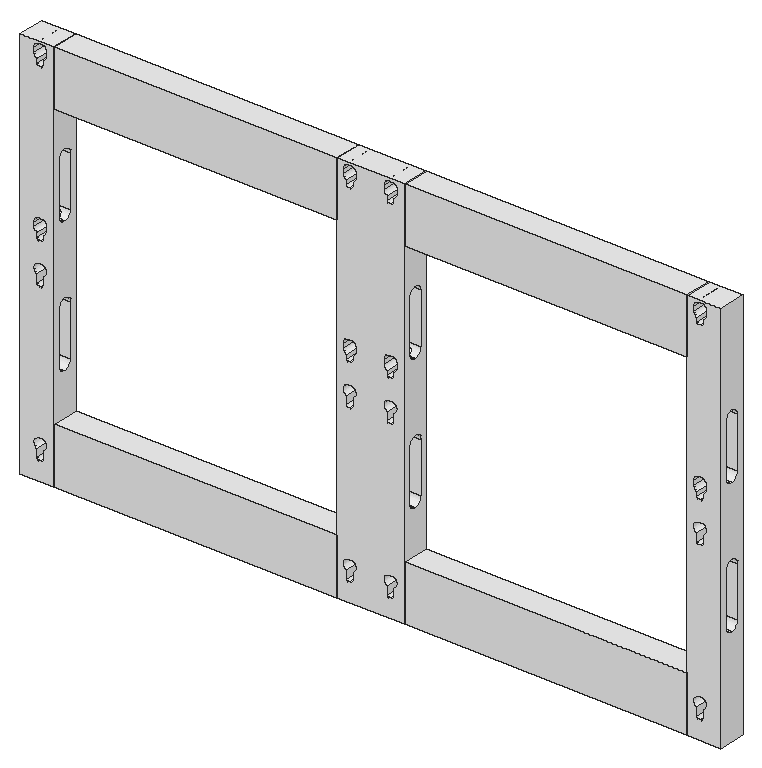
Revit family "DAK-NPN-COB-X600-2x2-Speed Frame_R23", category Generic Models, Revit 2023
Family settings
  Can host rebar = No
  Round Connector Dimension = Use Diameter
  Part Type = Normal
  Work Plane-Based = No
  Always vertical = Yes
  Cut with Voids When Loaded = No
  Maintain Annotation Orientation = No
  Shared = No
  Room Calculation Point = No
Parameters
  Default Elevation = 0' - 0"
Reference planes (in)
  plane 1 "Center (Front/Back)": y = 0
  plane 2: z = 0
  plane 3 "Center (Left/Right)": x = 0
Forms (in)
  Extrusion 1, solid, material "Aluminum"
    sketch origin (0, 0, 0) x (1, 0, 0) y (0, 0, 1)
      loop
        line (21.34252, 26.5748) -> (21.34252, 0) -> (25.90945, 0) -> (25.90945, 26.5748) -> (21.34252, 26.5748)
      loop
        line (2.26772, 26.5748) -> (0, 26.5748) -> (0, 0) -> (2.26772, 0) -> (2.26772, 26.5748)
      loop
        line (47.24409, 26.5748) -> (44.98425, 26.5748) -> (44.98425, 0) -> (47.24409, 0) -> (47.24409, 26.5748)
    from 0 to 1.83071
  Extrusion 2, void
    sketch origin (0, 0, 0) x (1, 0, 0) y (0, 0, 1)
      loop
        arc (0.94441, 15.27559) -> (1.0015, 15.07669) -> (1.15539, 14.93836) r 0.375
        line (1.15539, 14.93836) -> (1.15539, 14.68504)
        arc (1.15539, 14.68504) -> (1.20343, 14.56908) -> (1.31939, 14.52104) r 0.164
        line (1.31939, 14.52104) -> (1.44439, 14.52104)
        arc (1.44439, 14.52104) -> (1.56035, 14.56908) -> (1.60839, 14.68504) r 0.164
        line (1.60839, 14.68504) -> (1.60839, 14.93832)
        arc (1.60839, 14.93832) -> (1.76233, 15.07666) -> (1.81945, 15.27559) r 0.375
        line (1.81945, 15.27559) -> (1.81945, 15.55118)
        arc (1.81945, 15.55118) -> (1.70961, 15.81635) -> (1.44445, 15.92618) r 0.375
        line (1.44445, 15.92618) -> (1.31941, 15.92618)
        arc (1.31941, 15.92618) -> (1.05424, 15.81635) -> (0.94441, 15.55118) r 0.375
        line (0.94441, 15.55118) -> (0.94441, 15.27559)
      loop
        arc (1.15539, 1.39764) -> (1.20343, 1.28168) -> (1.31939, 1.23364) r 0.164
        line (1.31939, 1.23364) -> (1.44439, 1.23364)
        arc (1.44439, 1.23364) -> (1.56035, 1.28168) -> (1.60839, 1.39764) r 0.164
        line (1.60839, 1.39764) -> (1.60839, 1.92654)
        arc (1.60839, 1.92654) -> (1.80983, 2.34792) -> (1.44439, 2.63878) r 0.375
        line (1.44439, 2.63878) -> (1.31939, 2.63878)
        arc (1.31939, 2.63878) -> (0.95395, 2.34792) -> (1.15539, 1.92654) r 0.375
        line (1.15539, 1.92654) -> (1.15539, 1.39764)
      loop
        arc (1.15539, 11.92913) -> (1.20343, 11.81317) -> (1.31939, 11.76514) r 0.164
        line (1.31939, 11.76514) -> (1.44439, 11.76514)
        arc (1.44439, 11.76514) -> (1.56035, 11.81317) -> (1.60839, 11.92913) r 0.164
        line (1.60839, 11.92913) -> (1.60839, 12.45804)
        arc (1.60839, 12.45804) -> (1.80983, 12.87942) -> (1.44439, 13.17028) r 0.375
        line (1.44439, 13.17028) -> (1.31939, 13.17028)
        arc (1.31939, 13.17028) -> (0.95395, 12.87942) -> (1.15539, 12.45804) r 0.375
        line (1.15539, 12.45804) -> (1.15539, 11.92913)
      loop
        arc (25.06644, 1.23364) -> (25.1824, 1.28167) -> (25.23044, 1.39764) r 0.164
        line (25.23044, 1.39764) -> (25.23044, 1.92654)
        arc (25.23044, 1.92654) -> (25.43187, 2.34793) -> (25.06644, 2.63878) r 0.375
        line (25.06644, 2.63878) -> (24.94144, 2.63878)
        arc (24.94144, 2.63878) -> (24.576, 2.34793) -> (24.77744, 1.92654) r 0.375
        line (24.77744, 1.92654) -> (24.77744, 1.39764)
        arc (24.77744, 1.39764) -> (24.82547, 1.28167) -> (24.94144, 1.23364) r 0.164
        line (24.94144, 1.23364) -> (25.06644, 1.23364)
      loop
        arc (22.31053, 1.23364) -> (22.4265, 1.28167) -> (22.47453, 1.39764) r 0.164
        line (22.47453, 1.39764) -> (22.47453, 1.92654)
        arc (22.47453, 1.92654) -> (22.67597, 2.34793) -> (22.31053, 2.63878) r 0.375
        line (22.31053, 2.63878) -> (22.18553, 2.63878)
        arc (22.18553, 2.63878) -> (21.82009, 2.34793) -> (22.02153, 1.92654) r 0.375
        line (22.02153, 1.92654) -> (22.02153, 1.39764)
        arc (22.02153, 1.39764) -> (22.06957, 1.28167) -> (22.18553, 1.23364) r 0.164
        line (22.18553, 1.23364) -> (22.31053, 1.23364)
      loop
        arc (45.93258, 1.23364) -> (46.04854, 1.28168) -> (46.09657, 1.39764) r 0.164
        line (46.09657, 1.39764) -> (46.09657, 1.92654)
        arc (46.09657, 1.92654) -> (46.29802, 2.34792) -> (45.93258, 2.63878) r 0.375
        line (45.93258, 2.63878) -> (45.80758, 2.63878)
        arc (45.80758, 2.63878) -> (45.44214, 2.34792) -> (45.64358, 1.92654) r 0.375
        line (45.64358, 1.92654) -> (45.64358, 1.39764)
        arc (45.64358, 1.39764) -> (45.69162, 1.28168) -> (45.80758, 1.23364) r 0.164
        line (45.80758, 1.23364) -> (45.93258, 1.23364)
      loop
        arc (21.81049, 15.27559) -> (21.8676, 15.07667) -> (22.02153, 14.93833) r 0.375
        line (22.02153, 14.93833) -> (22.02153, 14.68504)
        arc (22.02153, 14.68504) -> (22.06957, 14.56907) -> (22.18553, 14.52104) r 0.164
        line (22.18553, 14.52104) -> (22.31053, 14.52104)
        arc (22.31053, 14.52104) -> (22.4265, 14.56907) -> (22.47453, 14.68504) r 0.164
        line (22.47453, 14.68504) -> (22.47453, 14.93835)
        arc (22.47453, 14.93835) -> (22.62843, 15.07669) -> (22.68553, 15.27559) r 0.375
        line (22.68553, 15.27559) -> (22.68553, 15.55118)
        arc (22.68553, 15.55118) -> (22.5757, 15.81635) -> (22.31053, 15.92618) r 0.375
        line (22.31053, 15.92618) -> (22.18549, 15.92618)
        arc (22.18549, 15.92618) -> (21.92033, 15.81635) -> (21.81049, 15.55118) r 0.375
        line (21.81049, 15.55118) -> (21.81049, 15.27559)
      loop
        arc (22.02153, 11.92913) -> (22.06957, 11.81317) -> (22.18553, 11.76513) r 0.164
        line (22.18553, 11.76513) -> (22.31053, 11.76513)
        arc (22.31053, 11.76513) -> (22.4265, 11.81317) -> (22.47453, 11.92913) r 0.164
        line (22.47453, 11.92913) -> (22.47453, 12.45804)
        arc (22.47453, 12.45804) -> (22.67597, 12.87942) -> (22.31053, 13.17028) r 0.375
        line (22.31053, 13.17028) -> (22.18553, 13.17028)
        arc (22.18553, 13.17028) -> (21.82009, 12.87942) -> (22.02153, 12.45804) r 0.375
        line (22.02153, 12.45804) -> (22.02153, 11.92913)
      loop
        arc (25.06644, 11.76513) -> (25.1824, 11.81317) -> (25.23044, 11.92913) r 0.164
        line (25.23044, 11.92913) -> (25.23044, 12.45804)
        arc (25.23044, 12.45804) -> (25.43187, 12.87942) -> (25.06644, 13.17028) r 0.375
        line (25.06644, 13.17028) -> (24.94144, 13.17028)
        arc (24.94144, 13.17028) -> (24.576, 12.87942) -> (24.77744, 12.45804) r 0.375
        line (24.77744, 12.45804) -> (24.77744, 11.92913)
        arc (24.77744, 11.92913) -> (24.82547, 11.81317) -> (24.94144, 11.76513) r 0.164
        line (24.94144, 11.76513) -> (25.06644, 11.76513)
      loop
        arc (45.93258, 11.76514) -> (46.04854, 11.81317) -> (46.09657, 11.92913) r 0.164
        line (46.09657, 11.92913) -> (46.09657, 12.45804)
        arc (46.09657, 12.45804) -> (46.29802, 12.87942) -> (45.93258, 13.17028) r 0.375
        line (45.93258, 13.17028) -> (45.80758, 13.17028)
        arc (45.80758, 13.17028) -> (45.44214, 12.87942) -> (45.64358, 12.45804) r 0.375
        line (45.64358, 12.45804) -> (45.64358, 11.92913)
        arc (45.64358, 11.92913) -> (45.69162, 11.81317) -> (45.80758, 11.76514) r 0.164
        line (45.80758, 11.76514) -> (45.93258, 11.76514)
      loop
        arc (24.56644, 15.27559) -> (24.62353, 15.07669) -> (24.77744, 14.93835) r 0.375
        line (24.77744, 14.93835) -> (24.77744, 14.68504)
        arc (24.77744, 14.68504) -> (24.82547, 14.56907) -> (24.94144, 14.52104) r 0.164
        line (24.94144, 14.52104) -> (25.06644, 14.52104)
        arc (25.06644, 14.52104) -> (25.1824, 14.56907) -> (25.23044, 14.68504) r 0.164
        line (25.23044, 14.68504) -> (25.23044, 14.93833)
        arc (25.23044, 14.93833) -> (25.38437, 15.07667) -> (25.44148, 15.27559) r 0.375
        line (25.44148, 15.27559) -> (25.44148, 15.55118)
        arc (25.44148, 15.55118) -> (25.33164, 15.81635) -> (25.06648, 15.92618) r 0.375
        line (25.06648, 15.92618) -> (24.94144, 15.92618)
        arc (24.94144, 15.92618) -> (24.67627, 15.81635) -> (24.56644, 15.55118) r 0.375
        line (24.56644, 15.55118) -> (24.56644, 15.27559)
      loop
        arc (45.93258, 14.52104) -> (46.04854, 14.56908) -> (46.09657, 14.68504) r 0.164
        line (46.09657, 14.68504) -> (46.09657, 14.93836)
        arc (46.09657, 14.93836) -> (46.25047, 15.07669) -> (46.30756, 15.27559) r 0.375
        line (46.30756, 15.27559) -> (46.30756, 15.55118)
        arc (46.30756, 15.55118) -> (46.19772, 15.81635) -> (45.93256, 15.92618) r 0.375
        line (45.93256, 15.92618) -> (45.80752, 15.92618)
        arc (45.80752, 15.92618) -> (45.54235, 15.81635) -> (45.43252, 15.55118) r 0.375
        line (45.43252, 15.55118) -> (45.43252, 15.27559)
        arc (45.43252, 15.27559) -> (45.48963, 15.07666) -> (45.64358, 14.93832) r 0.375
        line (45.64358, 14.93832) -> (45.64358, 14.68504)
        arc (45.64358, 14.68504) -> (45.69162, 14.56908) -> (45.80758, 14.52104) r 0.164
        line (45.80758, 14.52104) -> (45.93258, 14.52104)
      loop
        arc (0.94441, 25.80709) -> (1.0015, 25.60819) -> (1.15539, 25.46986) r 0.375
        line (1.15539, 25.46986) -> (1.15539, 25.21654)
        arc (1.15539, 25.21654) -> (1.20343, 25.10057) -> (1.31939, 25.05254) r 0.164
        line (1.31939, 25.05254) -> (1.44439, 25.05254)
        arc (1.44439, 25.05254) -> (1.56035, 25.10057) -> (1.60839, 25.21654) r 0.164
        line (1.60839, 25.21654) -> (1.60839, 25.46982)
        arc (1.60839, 25.46982) -> (1.76233, 25.60815) -> (1.81945, 25.80709) r 0.375
        line (1.81945, 25.80709) -> (1.81945, 26.08268)
        arc (1.81945, 26.08268) -> (1.70961, 26.34784) -> (1.44445, 26.45768) r 0.375
        line (1.44445, 26.45768) -> (1.31941, 26.45768)
        arc (1.31941, 26.45768) -> (1.05424, 26.34784) -> (0.94441, 26.08268) r 0.375
        line (0.94441, 26.08268) -> (0.94441, 25.80709)
      loop
        arc (21.81049, 25.80709) -> (21.8676, 25.60816) -> (22.02153, 25.46983) r 0.375
        line (22.02153, 25.46983) -> (22.02153, 25.21654)
        arc (22.02153, 25.21654) -> (22.06957, 25.10057) -> (22.18553, 25.05254) r 0.164
        line (22.18553, 25.05254) -> (22.31053, 25.05254)
        arc (22.31053, 25.05254) -> (22.4265, 25.10057) -> (22.47453, 25.21654) r 0.164
        line (22.47453, 25.21654) -> (22.47453, 25.46985)
        arc (22.47453, 25.46985) -> (22.62843, 25.60818) -> (22.68553, 25.80709) r 0.375
        line (22.68553, 25.80709) -> (22.68553, 26.08268)
        arc (22.68553, 26.08268) -> (22.5757, 26.34784) -> (22.31053, 26.45768) r 0.375
        line (22.31053, 26.45768) -> (22.18549, 26.45768)
        arc (22.18549, 26.45768) -> (21.92033, 26.34784) -> (21.81049, 26.08268) r 0.375
        line (21.81049, 26.08268) -> (21.81049, 25.80709)
      loop
        arc (24.56644, 25.80709) -> (24.62353, 25.60818) -> (24.77744, 25.46985) r 0.375
        line (24.77744, 25.46985) -> (24.77744, 25.21654)
        arc (24.77744, 25.21654) -> (24.82547, 25.10057) -> (24.94144, 25.05254) r 0.164
        line (24.94144, 25.05254) -> (25.06644, 25.05254)
        arc (25.06644, 25.05254) -> (25.1824, 25.10057) -> (25.23044, 25.21654) r 0.164
        line (25.23044, 25.21654) -> (25.23044, 25.46983)
        arc (25.23044, 25.46983) -> (25.38437, 25.60816) -> (25.44148, 25.80709) r 0.375
        line (25.44148, 25.80709) -> (25.44148, 26.08268)
        arc (25.44148, 26.08268) -> (25.33164, 26.34784) -> (25.06648, 26.45768) r 0.375
        line (25.06648, 26.45768) -> (24.94144, 26.45768)
        arc (24.94144, 26.45768) -> (24.67627, 26.34784) -> (24.56644, 26.08268) r 0.375
        line (24.56644, 26.08268) -> (24.56644, 25.80709)
      loop
        arc (45.93258, 25.05254) -> (46.04854, 25.10057) -> (46.09657, 25.21654) r 0.164
        line (46.09657, 25.21654) -> (46.09657, 25.46986)
        arc (46.09657, 25.46986) -> (46.25047, 25.60819) -> (46.30756, 25.80709) r 0.375
        line (46.30756, 25.80709) -> (46.30756, 26.08268)
        arc (46.30756, 26.08268) -> (46.19772, 26.34784) -> (45.93256, 26.45768) r 0.375
        line (45.93256, 26.45768) -> (45.80752, 26.45768)
        arc (45.80752, 26.45768) -> (45.54235, 26.34784) -> (45.43252, 26.08268) r 0.375
        line (45.43252, 26.08268) -> (45.43252, 25.80709)
        arc (45.43252, 25.80709) -> (45.48963, 25.60815) -> (45.64358, 25.46982) r 0.375
        line (45.64358, 25.46982) -> (45.64358, 25.21654)
        arc (45.64358, 25.21654) -> (45.69162, 25.10057) -> (45.80758, 25.05254) r 0.164
        line (45.80758, 25.05254) -> (45.93258, 25.05254)
    from 0 to 1.83071
  Extrusion 3, solid, material "Aluminum"
    sketch origin (0, 0, 0) x (1, 0, 0) y (0, 0, 1)
      loop
        line (2.26772, 26.5748) -> (2.26772, 22.83858) -> (21.34252, 22.83858) -> (21.34252, 26.5748) -> (2.26772, 26.5748)
      loop
        line (25.90945, 26.5748) -> (25.90945, 22.83858) -> (44.98425, 22.83858) -> (44.98425, 26.5748) -> (25.90945, 26.5748)
      loop
        line (2.26772, 3.77559) -> (2.26772, 0) -> (21.34252, 0) -> (21.34252, 3.77559) -> (2.26772, 3.77559)
      loop
        line (25.90945, 3.77559) -> (25.90945, 0) -> (44.98425, 0) -> (44.98425, 3.77559) -> (25.90945, 3.77559)
    from 0 to 1.83071
  Extrusion 4, void
    sketch origin (0, 0, 0) x (0, 1, 0) y (0, 0, 1)
      loop
        line (-0.39567, 7.10157) -> (-0.39567, 10.52677)
        arc (-0.39567, 10.52677) -> (-0.5282, 10.86583) -> (-0.85552, 11.02516) r 0.5
        arc (-0.85552, 11.02516) -> (-0.91535, 11.06959) -> (-0.97518, 11.02516) r 0.0625
        arc (-0.97518, 11.02516) -> (-1.30251, 10.86583) -> (-1.43504, 10.52677) r 0.5
        line (-1.43504, 10.52677) -> (-1.43504, 7.10157)
        arc (-1.43504, 7.10157) -> (-1.30251, 6.76251) -> (-0.97518, 6.60319) r 0.5
        arc (-0.97518, 6.60319) -> (-0.91535, 6.55876) -> (-0.85552, 6.60319) r 0.0625
        arc (-0.85552, 6.60319) -> (-0.5282, 6.76251) -> (-0.39567, 7.10157) r 0.5
      loop
        line (-0.39567, 16.1189) -> (-0.39567, 19.54409)
        arc (-0.39567, 19.54409) -> (-0.5282, 19.88316) -> (-0.85552, 20.04248) r 0.5
        arc (-0.85552, 20.04248) -> (-0.91535, 20.08691) -> (-0.97518, 20.04248) r 0.0625
        arc (-0.97518, 20.04248) -> (-1.30251, 19.88316) -> (-1.43504, 19.54409) r 0.5
        line (-1.43504, 19.54409) -> (-1.43504, 16.1189)
        arc (-1.43504, 16.1189) -> (-1.30251, 15.77983) -> (-0.97518, 15.62051) r 0.5
        arc (-0.97518, 15.62051) -> (-0.91535, 15.57608) -> (-0.85552, 15.62051) r 0.0625
        arc (-0.85552, 15.62051) -> (-0.5282, 15.77983) -> (-0.39567, 16.1189) r 0.5
    from 0 to 47.24409
Cuts and joins
  Extrusion 2, Extrusion 4 cuts Extrusion 1
Dimensions and locks (in)
  aligned and locked: plane 2 to level
